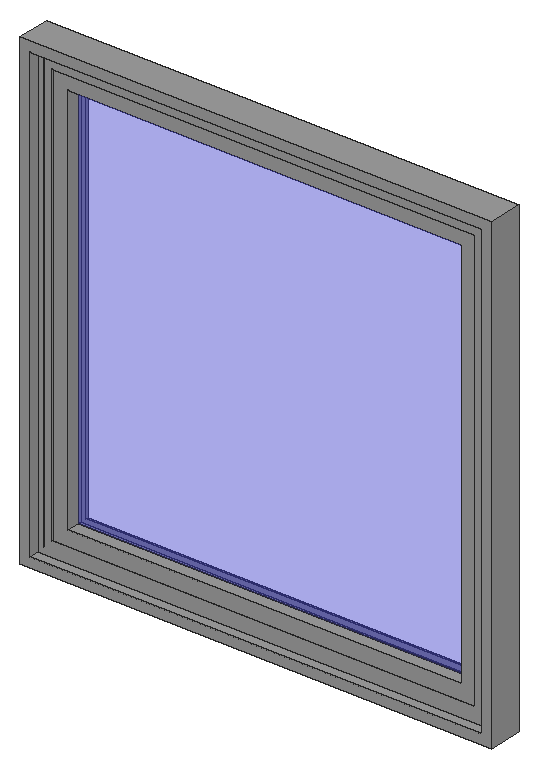
Revit family "14PL OP001_v02", category Windows, host Wall, Revit 2015
Parameters
  Wall Thickness [instance] = 0' - 6"
  URL = "obe.com"
  Rough Width = Width + 0' 0 1/2"  # 4' - 0 1/2"
  Rough Height = Height + 0' 0 1/2"  # 4' - 0 1/2"
  Offset Limitation [instance] = if((Offset + 0' 3 1/2") > Wall Thickness, (Wall Thickness - 0' 3 1/2"), Offset)  # 0' - 2 1/2"
  Offset [instance] = 1' - 1"
  Model = "14PL OP001"
  Manufacturer = "Oldcastle BuildingEnvelope®"
  Keynote = "08 51 00"
  Height = 4' - 0"
  Glass Material = Glass
  Frame Material = Aluminum
  Description = "SIGNATURE SERIES 14PL"
  Default Sill Height = 3' - 0"
  Wall Closure = By host
  Width = 4' - 0"
  Construction Type = ""
  Assembly Code = "B2020"
Reference planes (in)
  plane 1 "Center (Front/Back)": y = 0
  plane 2: z = 0
  plane 3 "Center (Left/Right)": x = 0
  plane 4 "Left": x = -24.25
  plane 5 "Right": x = 24.25
  plane 6 "Sill": z = 36
  plane 7 "Top": z = 84.5
  plane 8: x = 24
  plane 9: x = -24
  plane 10: z = 84.25
  plane 11: z = 36.25
  plane 12 "Offset": y = 0.5
  plane 13: z = 80.9995
  plane 14: z = 39.5005
  plane 15 "EXT": y = 0.46875
Forms (in)
  Sweep 1, solid, material "Aluminum" <- "Frame Material"
    path origin (0, 0.5, 0) x (1, 0, 0) y (0, 0, 1)
      loop
        line (-24, 84.5) -> (-24, 36)
    profile origin (-24, 0.5, 60.25) x (0, -1, 0) y (1, 0, 0)
      loop
        line (3.5, -0.25) -> (3.5, 0.75) -> (2.5, 0.75) -> (2.5, 2.25) -> (2.40625, 2.25) -> (2.40625, 1.375) -> (0, 1.375) -> (0, -0.25) -> (3.5, -0.25)
  Sweep 2, solid, material "Aluminum" <- "Frame Material"
    path origin (0, 0.5, 0) x (-1, 0, 0) y (0, 0, 1)
      loop
        line (-24, 84.5) -> (-24, 36)
    profile origin (24, 0.5, 60.25) x (0, -1, 0) y (1, 0, 0)
      loop
        line (3.5, 0.25) -> (0, 0.25) -> (0, -1.375) -> (2.40625, -1.375) -> (2.40625, -2.25) -> (2.5, -2.25) -> (2.5, -0.75) -> (3.5, -0.75) -> (3.5, 0.25)
  Sweep 3, solid, material "Aluminum" <- "Frame Material"
    path origin (0, 0.5, 0) x (1, 0, 0) y (0, 0, 1)
      loop
        line (24.25, 84.25) -> (-24.25, 84.25)
    profile origin (0, 0.5, 84.25) x (0, 0, -1) y (0, -1, 0)
      loop
        line (1.3678, 0) -> (1.3678, 2.40625) -> (2.25, 2.40625) -> (2.25, 2.5) -> (0.75, 2.5) -> (0.75, 3.5) -> (-0.25, 3.5) -> (-0.25, 0) -> (1.3678, 0)
  Sweep 4, solid, material "Aluminum" <- "Frame Material"
    path origin (0, 0.5, 120.5) x (1, 0, 0) y (0, 0, -1)
      loop
        line (24.25, 84.25) -> (-24.25, 84.25)
    profile origin (0, 0.5, 36.25) x (0, 0, -1) y (0, -1, 0)
      loop
        line (-1.375, 0) -> (0.25, 0) -> (0.25, 3.5) -> (-0.75, 3.5) -> (-0.75, 2.5) -> (-2.25, 2.5) -> (-2.25, 2.40625) -> (-1.375, 2.40625) -> (-1.375, 0)
  Sweep 5, solid, material "Aluminum" <- "Frame Material"
    path origin (0, 0.5, 0) x (1, 0, 0) y (0, 0, 1)
      loop
        line (24, 83.12447) -> (24, 37.375)
    profile origin (24, 0.5, 60.24974) x (0, -1, 0) y (1, 0, 0)
      loop
        line (2.3125, -3.751) -> (2.3125, -2.063) -> (-0.15625, -2.063) -> (-0.15625, -1.125) -> (-0.25, -1.125) -> (-0.25, -3.7505) -> (0.03125, -3.7505) -> (0.03125, -3.2505) -> (1.03125, -3.2505) -> (1.03125, -3.751) -> (2.3125, -3.751)
  Sweep 6, solid, material "Aluminum" <- "Frame Material"
    path origin (0, 0.5, 0) x (1, 0, 0) y (0, 0, 1)
      loop
        line (-24, 83.12447) -> (-24, 37.375)
    profile origin (-24, 0.5, 60.24974) x (0, -1, 0) y (1, 0, 0)
      loop
        line (2.3125, 3.751) -> (1.03125, 3.751) -> (1.03125, 3.2505) -> (0.03125, 3.2505) -> (0.03125, 3.7505) -> (-0.25, 3.7505) -> (-0.25, 1.125) -> (-0.15625, 1.125) -> (-0.15625, 2.063) -> (2.3125, 2.063) -> (2.3125, 3.751)
  Sweep 7, solid, material "Aluminum" <- "Frame Material"
    path origin (0, 0.5, 0) x (1, 0, 0) y (0, 0, 1)
      loop
        line (22.875, 84.25) -> (-22.875, 84.25)
    profile origin (0, 0.5, 84.25) x (0, 0, -1) y (0, -1, 0)
      loop
        line (3.751, 1.03125) -> (3.751, 2.3125) -> (2.063, 2.3125) -> (2.063, -0.15625) -> (1.125, -0.15625) -> (1.125, -0.25) -> (3.751, -0.25) -> (3.751, 0.03125) -> (3.2505, 0.03125) -> (3.2505, 1.03125) -> (3.751, 1.03125)
  Sweep 8, solid, material "Aluminum" <- "Frame Material"
    path origin (0, 0.5, 0) x (1, 0, 0) y (0, 0, 1)
      loop
        line (-22.875, 36.25) -> (22.875, 36.25)
    profile origin (0, 0.5, 36.25) x (0, 0, 1) y (0, -1, 0)
      loop
        line (3.7505, -0.25) -> (3.7505, 0.03125) -> (3.2505, 0.03125) -> (3.2505, 1.03125) -> (3.751, 1.03125) -> (3.751, 2.3125) -> (2.063, 2.3125) -> (2.063, -0.15625) -> (1.125, -0.15625) -> (1.125, -0.25) -> (3.7505, -0.25)
  Extrusion 9, solid, material "Glass" <- "Glass Material", detail levels medium+fine
    sketch origin (0, 0, 36) x (0, -1, 0) y (1, 0, 0)
      loop
        line (-0.46875, -20.7495) -> (-0.21875, -20.7495) -> (-0.21875, 20.7495) -> (-0.46875, 20.7495) -> (-0.46875, -20.7495)
      loop
        line (0.29395, 20.7495) -> (0.29395, -20.7495) -> (0.53125, -20.7495) -> (0.53125, 20.7495) -> (0.29395, 20.7495)
    from 3.5005 to 44.9995
  Extrusion 10, solid, material "Glass" <- "Glass Material", detail levels coarse
    sketch origin (0, 0, 36) x (0, -1, 0) y (1, 0, 0)
      loop
        line (-0.46875, -20.7495) -> (0.53125, -20.7495) -> (0.53125, 20.7495) -> (-0.46875, 20.7495) -> (-0.46875, -20.7495)
    from 3.5005 to 44.9995
Cuts and joins
  joined: Sweep 1, Sweep 2, Sweep 3, Sweep 4
  joined: Sweep 5, Sweep 6, Sweep 7, Sweep 8
Lines and regions (in)
  Opening 1
    outline origin (-60, -3, 0) x (1, 0, 0) y (0, 0, 1)
      loop
        line (35.75, 84.5) -> (35.75, 36) -> (84.25, 36) -> (84.25, 84.5) -> (35.75, 84.5)
  model lines, style "Opening Direction"
    curve 1: line (-20.2495, 0.46875, 40.0005) -> (0, 0.46875, 80.499)
    curve 2: line (20.249, 0.46875, 40.001) -> (0, 0.46875, 80.499)
Text (in)
  text "EXTERIOR" at (-58.6888, 56.75554, 0), in view "Ref. Level"
  text "INTERIOR" at (-58.6888, -42.67921, 0), in view "Ref. Level"
  text "Exterior" at (0, 43.65631, 123.19604), in view "Left"
  text "Exterior" at (0, 18.29385, 125.04747), in view "Right"
  text "Min Operable Size\n\n14\" width x 18\" height\n\n\n\nMax Operable Size\n\n72\" x 72\"\n\n\n\nMax Operable Area\n\n24 square feet" at (92.63041, 56.75554, 0), in view "Ref. Level"
Dimensions and locks (in)
  equal spacing: plane 4 "Left", plane 3 "Center (Left/Right)", plane 5 "Right"
  "Rough Height": plane 6 "Sill" to plane 7 "Top"
  "Default Sill Height": plane 2 to plane 6 "Sill"
  locked: plane 6 "Sill" to plane 11 at 0.25
  locked: plane 8 to plane 5 "Right" at 0.25
  "Height": plane 11 to plane 10
  "Offset Limitation": plane 12 "Offset" to host wall
  "Wall Thickness": host wall to host wall
  "Width": plane 9 to plane 8
  "Rough Width": plane 4 "Left" to plane 5 "Right"
  locked: plane 13 to plane 10 at 3.2505
  locked: plane 11 to plane 14 at 3.2505
  locked: plane 15 "EXT" to plane 12 "Offset" at 0.03125
  locked: Sweep 7 sketch curve to plane 8 at 1.125
  locked: plane 9 to Sweep 7 sketch curve at 1.125
  locked: Sweep 8 sketch curve to plane 8 at 1.125
  locked: plane 9 to Sweep 8 sketch curve at 1.125
  locked: plane 11 to Sweep 5 sketch curve at 1.125
  locked: Sweep 5 sketch curve to plane 10 at 1.12553
  locked: Sweep 6 sketch curve to plane 10 at 1.12553
  locked: plane 11 to Sweep 6 sketch curve at 1.125
  Extrusion 9 sketch curve to Extrusion 9 sketch curve to Extrusion 9 sketch curve to Extrusion 9 sketch curve to plane 12 "Offset" = 0' - 0.2373" locked, 0' - 0.5127" locked, 0' - 0 1/4" locked, 0' - 0 1/32" locked
  plane 12 "Offset" to Extrusion 10 sketch curve to Extrusion 10 sketch curve = 0' - 0 1/32" locked, 0' - 1" locked
  aligned and locked: plane 7 "Top" to Opening 1 sketch curve
  aligned and locked: plane 6 "Sill" to Opening 1 sketch curve  (x2)
  aligned and locked: plane 5 "Right" to Opening 1 sketch curve
  aligned and locked: plane 4 "Left" to Opening 1 sketch curve
  aligned and locked: level to plane 2
  aligned and locked: plane 6 "Sill" to Sweep 1 sketch curve
  aligned and locked: plane 7 "Top" to Sweep 1 sketch curve
  aligned and locked: Sweep 1 sketch curve to plane 9
  aligned and locked: plane 7 "Top" to Sweep 2 sketch curve
  aligned and locked: Sweep 2 sketch curve to plane 8
  aligned and locked: plane 6 "Sill" to Sweep 2 sketch curve
  aligned and locked: plane 4 "Left" to Sweep 3 sketch curve
  aligned and locked: plane 5 "Right" to Sweep 3 sketch curve
  aligned and locked: plane 10 to Sweep 3 sketch curve
  aligned and locked: plane 4 "Left" to Sweep 4 sketch curve
  aligned and locked: plane 5 "Right" to Sweep 4 sketch curve
  aligned and locked: plane 11 to Sweep 4 sketch curve
  aligned and locked: Sweep 5 sketch curve to plane 8
  aligned and locked: Sweep 6 sketch curve to plane 9
  aligned and locked: plane 10 to Sweep 7 sketch curve
  aligned and locked: Sweep 8 sketch curve to plane 11
  aligned and locked: Extrusion 9 to plane 14
  aligned and locked: plane 13 to Extrusion 9
  aligned and locked: Extrusion 10 to plane 14
  aligned and locked: plane 13 to Extrusion 10
  aligned and locked: plane 3 "Center (Left/Right)" to curve 2
Automatic sketch dimensions
  plane 12 "Offset" to Sweep 1 sketch curve = 0' - 0"
  Sweep 1 sketch curve to profile plane = 0' - 0 3/4"
  profile plane to Sweep 1 sketch curve = 0' - 0 1/4"
  Sweep 1 sketch curve to Sweep 1 sketch curve = 0' - 1"
  plane 12 "Offset" to Sweep 2 sketch curve = 0' - 0"
  Sweep 2 sketch curve to profile plane = 0' - 0 1/4"
  Sweep 4 sketch curve to profile plane = 0' - 0 1/4"
  Sweep 4 sketch curve to Sweep 4 sketch curve = 0' - 1"
  profile plane to Sweep 3 sketch curve = 0' - 0 1/4"
  Sweep 3 sketch curve to profile plane = 0' - 0 3/4"
  plane 12 "Offset" to Sweep 3 sketch curve = 0' - 2 1/2"
  Sweep 3 sketch curve to Sweep 3 sketch curve = 0' - 1"
  profile plane to Sweep 4 sketch curve = 0' - 0 3/4"
  Sweep 4 sketch curve to Sweep 4 sketch curve = 0' - 2 13/32"
  Sweep 2 sketch curve to Sweep 2 sketch curve = 0' - 1"
  profile plane to Sweep 2 sketch curve = 0' - 2 1/4"
  Sweep 2 sketch curve to Sweep 2 sketch curve = 0' - 2 13/32"
  Sweep 1 sketch curve to Sweep 1 sketch curve = 0' - 2 13/32"
  Extrusion 9 sketch curve to plane 9 = 0' - 3.2505"
  Extrusion 9 sketch curve to Extrusion 9 sketch curve = 0' - 0"  (x2)
  plane 8 to Extrusion 9 sketch curve = 0' - 3.2505"
  Extrusion 10 sketch curve to plane 9 = 0' - 3.2505"
  plane 8 to Extrusion 10 sketch curve = 0' - 3.2505"
  Sweep 8 sketch curve to plane 12 "Offset" = 0' - 0 1/4"
  Sweep 8 sketch curve to profile plane = 0' - 1 1/8"
  Sweep 8 sketch curve to plane 12 "Offset" = 0' - 0 5/32"
  Sweep 8 sketch curve to Sweep 8 sketch curve = 0' - 0.938"
  plane 12 "Offset" to Sweep 8 sketch curve = 0' - 0 1/32"
  Sweep 8 sketch curve to Sweep 8 sketch curve = 0' - 1 3/16"
  Sweep 8 sketch curve to Sweep 8 sketch curve = 0' - 0.5005"
  Sweep 8 sketch curve to Sweep 8 sketch curve = 0' - 1"
  Sweep 8 sketch curve to Sweep 8 sketch curve = 0' - 0 1/2"
  Sweep 8 sketch curve to Sweep 8 sketch curve = 0' - 1 9/32"
  Sweep 4 sketch curve to Sweep 4 sketch curve = 0' - 0 3/32"
  Sweep 4 sketch curve to Sweep 4 sketch curve = 0' - 0 7/8"
  Sweep 4 sketch curve to plane 12 "Offset" = 0' - 0"
  Sweep 4 sketch curve to Sweep 4 sketch curve = 0' - 1 1/2"
  Sweep 3 sketch curve to Sweep 3 sketch curve = 0' - 0.6178"
  Sweep 3 sketch curve to Sweep 3 sketch curve = 0' - 0.8822"
  Sweep 3 sketch curve to Sweep 3 sketch curve = 0' - 0 3/32"
  Sweep 3 sketch curve to plane 12 "Offset" = 0' - 0"
  Sweep 7 sketch curve to plane 12 "Offset" = 0' - 0 5/32"
  Sweep 7 sketch curve to profile plane = 0' - 1 1/8"
  Sweep 7 sketch curve to profile plane = 0' - 2.063"
  plane 12 "Offset" to Sweep 7 sketch curve = 0' - 0 1/32"
  Sweep 7 sketch curve to Sweep 7 sketch curve = 0' - 1 3/16"
  Sweep 7 sketch curve to plane 12 "Offset" = 0' - 0 1/4"
  Sweep 7 sketch curve to Sweep 7 sketch curve = 0' - 0.5005"  (x2)
  Sweep 7 sketch curve to Sweep 7 sketch curve = 0' - 1"
  Sweep 7 sketch curve to Sweep 7 sketch curve = 0' - 1 9/32"
  Sweep 1 sketch curve to Sweep 1 sketch curve = 0' - 0 3/32"
  Sweep 1 sketch curve to Sweep 1 sketch curve = 0' - 0 7/8"
  Sweep 1 sketch curve to Sweep 1 sketch curve = 0' - 0 5/8"
  plane 12 "Offset" to Sweep 6 sketch curve = 0' - 1 1/32"
  Sweep 6 sketch curve to Sweep 6 sketch curve = 0' - 1.688"
  plane 12 "Offset" to Sweep 6 sketch curve = 0' - 0 1/32"
  Sweep 6 sketch curve to Sweep 6 sketch curve = 0' - 0.0005"
  Sweep 6 sketch curve to plane 12 "Offset" = 0' - 0 1/4"
  Sweep 6 sketch curve to Sweep 6 sketch curve = 0' - 0 1/2"
  Sweep 6 sketch curve to profile plane = 0' - 1 1/8"
  Sweep 6 sketch curve to plane 12 "Offset" = 0' - 0 5/32"
  Sweep 6 sketch curve to Sweep 6 sketch curve = 0' - 0.938"
  Sweep 6 sketch curve to Sweep 6 sketch curve = 0' - 1 9/32"
  Sweep 2 sketch curve to Sweep 2 sketch curve = 0' - 0 7/8"
  Sweep 2 sketch curve to Sweep 2 sketch curve = 0' - 0 5/8"
  Sweep 2 sketch curve to Sweep 2 sketch curve = 0' - 0 3/32"
  plane 12 "Offset" to Sweep 5 sketch curve = 0' - 1 1/32"
  Sweep 5 sketch curve to Sweep 5 sketch curve = 0' - 1 9/32"
  Sweep 5 sketch curve to Sweep 5 sketch curve = 0' - 1.688"
  plane 12 "Offset" to Sweep 5 sketch curve = 0' - 0 1/32"
  Sweep 5 sketch curve to Sweep 5 sketch curve = 0' - 0.0005"
  Sweep 5 sketch curve to plane 12 "Offset" = 0' - 0 1/4"
  Sweep 5 sketch curve to Sweep 5 sketch curve = 0' - 0 1/2"
  profile plane to Sweep 5 sketch curve = 0' - 1 1/8"
  Sweep 5 sketch curve to plane 12 "Offset" = 0' - 0 5/32"
  Sweep 5 sketch curve to Sweep 5 sketch curve = 0' - 0.938"
  curve 2 to plane 13 = 0' - 0.5005"
  plane 14 to curve 1 = 0' - 0 1/2"
  curve 1 to plane 9 = 0' - 3.7505"
  plane 14 to curve 2 = 0' - 0.5005"
  plane 8 to curve 2 = 0' - 3.751"
